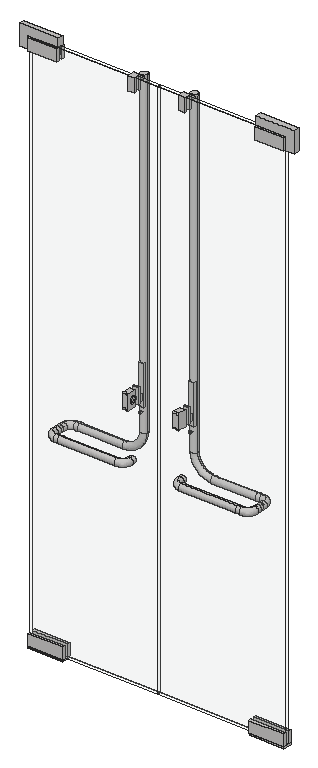
Revit family "Doors_Swing_Avanti_Systems_Pivot-Frameless-Pair-Swing-Door-Dbl-Glazed", category Doors, Revit 2026
Family settings
  Classification Number = 23.30.10.00
  Always vertical = Yes
  Cut with Voids When Loaded = No
  Shared = No
  Room Calculation Point = No
Parameters (values of type "Load Family Type Catalog")
  Youtube clip = ""
  Weight Net (Kg) = "0"
  Warranty = "1 year"  # constant formula
  Uniformat II Description = "Interior Doors"
  Uniformat II Code = "C1020"
  Uniclass 2015 Name = "Doors and windows"
  Uniclass 2015 Code = "EF_25_30"
  Uniclass 2.0 Description = ""
  Uniclass 2.0 Code = ""
  Uniclass 1.4 Description = "Doors"
  Uniclass 1.4 Code = "JL20"
  URL = "https://www.avantisystemsusa.com"
  UNSPSC Code = "30171504"
  Type = 2
  Thickness = if(Type = 1, 1/2", if(Type = 2, 3/4", if(Type = 3, 3/8", if(Type = 4, 7/16", 9/16"))))  # 3/4"
  Technical description = ""
  Sound Rating = 0
  Region South America = "All"
  Region Oceania = "All"
  Region North America = "All"
  Region Middle East = "All"
  Region Europe = "All"
  Region Asia = "All"
  Region Antarctica = "All"
  Region Africa = "All"
  Recessed Floor Closer [instance] = yes
  QR code = "http://bimobject.com/avantisystems/product/avanti-pivot-frameless-swing-door"
  Product url = "https://www.avantisystemsusa.com/glass-products/doors/pivot-doors-hinged-doors/single-glazed-frameless/"
  Product group = "Pivot Frameless Swing"
  Product family = "Pivot & Hinged Doors"
  Product data url = "https://bimobject.com/avantisystems/product/avanti-pivot-frameless-swing-door"
  Product certification = ""
  Product SKU = "avanti-pivot-frameless-swing-door"
  Product Guid = "3a11851e-372f-40ff-a97e-0ea9b5931639"
  Power = 110 V  # constant formula
  Panel Width [instance] = (Opening Width / 2) - 93/128"  # 23.65513"
  Opening Width [instance] = 48.76338"
  OmniClass Description = "Wood Doors"
  OmniClass Code = "23-17 11 15"
  Nominal width = 0"
  Nominal height = 0"
  NBS Reference Description = ""
  NBS Reference Code = ""
  Model = "Pivot Frameless Swing Door"  # constant formula
  Material secondary = "Aluminium"
  Material main = "Glass"
  Masterformat 2014 Description = "Wood Doors"
  Masterformat 2014 Code = "08 14 00"
  Manufacturer name = "Avanti Systems"
  Manufacturer country = ""
  Manufacturer = "Avanti Systems USA"  # constant formula
  Lock = "Thumb turn floor lock with a key"
  Ladder Pull Height [instance] = 18"
  LEED compatibility = "YES"
  Installation instructions = ""
  IFC Classification = "Door"
  Height [instance] = 103 3/8"
  Hardware material [instance] = Stainless Steel - Avanti- Brushed Finish
  Handle type [instance] = Handle : Panic Device
  Handle Height [instance] = Height  # 103 3/8"
  Glazing = "Safety Glazing SGCC"
  Glass Width [instance] = 48.38838"
  Glass Material = Glass - Avanti -  Clear Tempered
  Glass Marker = yes
  Glass Height [instance] = 103"
  Function = Interior
  Edition number = 1
  EAN code = ""
  Design country = "United States"
  Description = "The Pivot Frameless Glass Swing Door is our luxury glass door solution that is completely customizable and is compatible with every partition system we offer as well as solid traditional walls."  # constant formula
  Date of publishing = ""
  Clear Anodic Finish = "available"  # constant formula
  COBIe Type Category = ""
  Brand url = "http://www.avantisystemsusa.com/"
  BIMobject main category code = "doors"
  BIMobject main category = "Doors"
  BIMobject category code = "doors-swing"
  BIMobject category = "Swing"
  Analytic Construction = "<None>"
  Acoustic performance (dB) = 43  # constant formula
Reference planes (in)
  plane 1 "Center (Front/Back)": y = 0
  plane 2: z = 0
  plane 3 "Center (Left/Right)": x = 3.24894
  plane 4: x = -21.13275
  plane 5: x = 27.63063
  plane 6 "Top": z = 103.375
  plane 7 "Curtain_wall_center": y = 1.30859
  plane 8 "Curtain_wall_exterior": y = 1.68359
  plane 9 "Curtain_wall_interior": y = 0.93359
  plane 10 "Handle_placement_level": x = 0.74894
  plane 11: z = 1.5625
  plane 12: x = 29.19313
  plane 13: x = -22.69525
  plane 14: x = 5.74894
  plane 15: x = 3.24894
  plane 16: z = 103.1875
  plane 17: x = 27.44313
  plane 18: x = -20.94525
  plane 19: z = 0.1875
  plane 20: x = 15.34604
  plane 21: x = -8.84815
  plane 22: z = 51.6875
Forms (in)
  Extrusion 1, solid, material "Glass - Avanti -  Clear Tempered" <- "Glass Material"
    sketch origin (0, -1.125, 0) x (1, 0, 0) y (0, 1, 0)
      loop
        line (-20.94525, 2.80859) -> (-20.94525, 2.05859) -> (3.24894, 2.05859) -> (3.24894, 2.80859) -> (-20.94525, 2.80859)
    from 0.1875 to 103.1875
  Extrusion 2, solid, material "Glass - Avanti -  Clear Tempered" <- "Glass Material"
    sketch origin (6.49788, -2.54297, 0) x (-1, 0, 0) y (0, -1, 0)
      loop
        line (-20.94525, -4.22656) -> (3.24894, -4.22656) -> (3.24894, -3.47656) -> (-20.94525, -3.47656) -> (-20.94525, -4.22656)
    from 0.1875 to 103.1875
Lines and regions (in)
  Masking region 1
    outline origin (3.24894, 0, 0) x (0, 1, 0) y (0, 0, 1)
      loop
        line (1.68359, 103.1875) -> (0.93359, 103.1875) -> (0.93359, 0.1875) -> (1.68359, 0.1875) -> (1.68359, 103.1875)
  symbolic lines, style "0", not visible
    curve 1: circle (20.74894, 4.89891, 0) r 0.39445 normal (0, 0, 1)
    curve 2: line (20.43894, 4.65501, 0) -> (20.43894, 2.625, 0)
    curve 3: line (21.06195, 4.65887, 0) -> (21.06195, 2.625, 0)
    curve 4: circle (20.74894, -0.14891, 0) r 0.39445 normal (0, 0, -1)
    curve 5: line (20.43894, 0.09499, 0) -> (20.43894, 2.125, 0)
    curve 6: line (21.06195, 0.09113, 0) -> (21.06195, 2.125, 0)
  symbolic lines, style "0"
    curve 7: line (-21.13275, 0.93359, 0) -> (27.63063, 0.93359, 0)
    curve 8: line (27.63063, 0.93359, 0) -> (27.63063, 1.68359, 0)
    curve 9: line (-21.13275, 1.68359, 0) -> (27.63063, 1.68359, 0)
    curve 10: line (3.24894, 1.68359, 103.375) -> (3.24894, 0.93359, 103.375)
    curve 11: line (3.24894, 1.68359, 0.1875) -> (3.24894, 1.68359, 103.1875)
    curve 12: line (3.24894, 2.13853, 0) -> (3.24894, 1.84275, 0)
    curve 13: line (3.24894, 0.93359, 0.1875) -> (3.24894, 0.93359, 103.1875)
    curve 14: line (3.24894, 1.68359, 0.1875) -> (3.24894, 0.93359, 0.1875)
    curve 15: line (3.24894, 1.68359, 0) -> (3.24894, 0.93359, 0)
    curve 16: line (-21.13275, 1.68359, 0) -> (-21.13275, 0.93359, 0)
  symbolic lines, visible <- "Glass Marker"
    curve 17: line (12.51761, -0.24998, 48.85907) -> (18.17446, -0.24998, 54.51593)
    curve 18: line (15.34604, -0.24998, 49.83954) -> (17.19399, -0.24998, 51.6875)
    curve 19: line (13.49808, -0.24998, 51.6875) -> (15.34604, -0.24998, 53.53546)
    curve 27: line (-11.67658, -0.24998, 48.85907) -> (-6.01973, -0.24998, 54.51593)
    curve 28: line (-8.84815, -0.24998, 49.83954) -> (-7.0002, -0.24998, 51.6875)
    curve 29: line (-10.69611, -0.24998, 51.6875) -> (-8.84815, -0.24998, 53.53546)
  symbolic lines, not visible
    curve 20: line (13.49808, 0.25002, 51.6875) -> (17.19399, 0.25002, 51.6875)
    curve 25: line (-1.84534, 0.25002, 22.66367) -> (1.85057, 0.25002, 22.66367)
    curve 30: line (-10.69611, 0.25002, 51.6875) -> (-7.0002, 0.25002, 51.6875)
    curve 35: line (-1.84534, 0.25002, 22.66367) -> (1.85057, 0.25002, 22.66367)
  model lines, not visible
    curve 21: line (15.34604, 0.25002, 49.83954) -> (15.34604, 0.25002, 53.53546)
    curve 26: line (0.00262, 0.25002, 20.81572) -> (0.00262, 0.25002, 24.51163)
    curve 31: line (-8.84815, 0.25002, 49.83954) -> (-8.84815, 0.25002, 53.53546)
    curve 36: line (0.00262, 0.25002, 20.81572) -> (0.00262, 0.25002, 24.51163)
  symbolic lines, visible <- "Glass Marker", not visible
    curve 22: line (-2.82581, -0.24998, 19.83525) -> (2.83104, -0.24998, 25.4921)
    curve 23: line (0.00262, -0.24998, 20.81572) -> (1.85057, -0.24998, 22.66367)
    curve 24: line (-1.84534, -0.24998, 22.66367) -> (0.00262, -0.24998, 24.51163)
    curve 32: line (-2.82581, -0.24998, 19.83525) -> (2.83104, -0.24998, 25.4921)
    curve 33: line (0.00262, -0.24998, 20.81572) -> (1.85057, -0.24998, 22.66367)
    curve 34: line (-1.84534, -0.24998, 22.66367) -> (0.00262, -0.24998, 24.51163)
  symbolic lines, style "DoorsHiddenLines"
    curve 37: line (3.24894, 0, 103.1875) -> (-20.94525, 0, 51.6875)
    curve 38: line (-20.94525, 0, 51.6875) -> (3.24894, 0, 0.1875)
    curve 39: line (-20.21716, 1.30859, 0) -> (-20.21716, 24.96372, 0)
    curve 40: arc (-20.21716, 24.96372, 0) -> (-3.75562, 18.14513, 0) -> (3.06297, 1.68359, 0) r 23.28013
    curve 41: line (26.71504, 1.30859, 0) -> (26.71504, 24.96372, 0)
    curve 42: arc (26.71504, 24.96372, 0) -> (10.2535, 18.14513, 0) -> (3.43491, 1.68359, 0) r 23.28013
    curve 43: line (3.24894, 0, 103.1875) -> (27.44313, 0, 51.6875)
    curve 44: line (27.44313, 0, 51.6875) -> (3.24894, 0, 0.1875)
Text (in)
  text "Exterior" at (-45.72835, 31.38743, 0), in view "Ref. Level"
Dimensions and locks (in)
  equal spacing: plane 4, plane 3 "Center (Left/Right)", plane 5
  equal spacing: plane 8 "Curtain_wall_exterior", plane 7 "Curtain_wall_center", plane 9 "Curtain_wall_interior"
  "Thickness": plane 8 "Curtain_wall_exterior" to plane 9 "Curtain_wall_interior"
  "Opening Width": plane 4 to plane 5
  curve 11 to curve 13 = 3/4"
  Extrusion 1 to Extrusion 1 = 3/4"
  plane 11 to plane 2 = 1 9/16"
  plane 2 to plane 11 = 1 9/16"
  locked: plane 5 to plane 12 at 1.5625
  locked: plane 13 to plane 4 at 1.5625
  Extrusion 2 to Extrusion 2 = 3/4"
  equal spacing: plane 4, plane 15, plane 5
  locked: plane 14 to plane 15 at 2.5
  locked: plane 15 to plane 10 "Handle_placement_level" at 2.5
  nested 2 to plane 8 "Curtain_wall_exterior" = 1/8"
  nested 1 to plane 8 "Curtain_wall_exterior" = 1/8"
  "Height": plane 2 to plane 6 "Top"
  locked: plane 17 to plane 5 at 0.1875
  locked: plane 4 to plane 18 at 0.1875
  locked: plane 16 to plane 6 "Top" at 0.1875
  locked: plane 2 to plane 19 at 0.1875
  equal spacing: plane 15, plane 20, plane 17
  equal spacing: plane 15, plane 21, plane 18
  equal spacing: plane 19, plane 22, plane 16
  "Glass Width": plane 18 to plane 17
  "Glass Height": plane 19 to plane 16
  locked: plane 18 to curve 39 at 0.72809
  "Panel Width": plane 7 "Curtain_wall_center" to curve 39
  locked: curve 40 to plane 15 at 0.18597
  locked: curve 41 to plane 17 at 0.72809
  "Panel Width": plane 7 "Curtain_wall_center" to curve 41
  locked: plane 15 to curve 42 at 0.18597
  locked: plane 1 "Center (Front/Back)" to plane 7 "Curtain_wall_center" at 1.30859
  aligned and locked: level to plane 2
  aligned and locked: curve 8 to plane 5
  aligned and locked: nested 1 to plane 5
  aligned and locked: nested 2 to plane 4
  aligned and locked: Extrusion 2 to plane 15
  aligned and locked: plane 15 to Extrusion 1
  aligned and locked: curve 15 to plane 15
  aligned and locked: plane 8 "Curtain_wall_exterior" to curve 15
  aligned and locked: plane 4 to curve 9
  aligned and locked: plane 9 "Curtain_wall_interior" to curve 16
  aligned and locked: nested 2 to plane 6 "Top"
  aligned and locked: plane 6 "Top" to nested 1
  aligned and locked: plane 9 "Curtain_wall_interior" to curve 15
  aligned and locked: nested 5 to plane 2
  aligned and locked: Extrusion 2 to plane 16
  aligned and locked: Extrusion 2 to plane 17
  aligned and locked: Extrusion 2 to plane 19
  aligned and locked: Extrusion 1 to plane 19
  aligned and locked: plane 18 to Extrusion 1
  aligned and locked: Extrusion 1 to plane 16
  aligned and locked: plane 16 to nested 3
  aligned and locked: nested 4 to plane 16
  aligned and locked: plane 16 to nested 7
  aligned and locked: plane 17 to nested 7
  aligned and locked: plane 18 to nested 8
  aligned and locked: nested 8 to plane 16
  aligned and locked: plane 17 to nested 5
  aligned and locked: plane 22 to curve 20
  aligned and locked: plane 20 to curve 21
  aligned and locked: plane 22 to curve 30
  aligned and locked: plane 21 to curve 31
  aligned and locked: curve 14 to plane 19
  aligned and locked: plane 2 to nested 6
  aligned and locked: plane 18 to nested 6  (x2)
  aligned and locked: plane 16 to curve 37
  aligned and locked: plane 19 to curve 38
  aligned and locked: plane 19 to nested 5
  aligned and locked: plane 22 to curve 38
  aligned and locked: Masking region 1 sketch curve to plane 8 "Curtain_wall_exterior"
  aligned and locked: Masking region 1 sketch curve to plane 9 "Curtain_wall_interior"
  aligned and locked: plane 16 to Masking region 1 sketch curve
  aligned and locked: plane 19 to Masking region 1 sketch curve
  aligned and locked: plane 16 to curve 11
  aligned and locked: plane 16 to curve 13
  aligned and locked: plane 7 "Curtain_wall_center" to curve 39
  aligned and locked: curve 39 to curve 40
  aligned and locked: plane 7 "Curtain_wall_center" to curve 41
  aligned and locked: curve 41 to curve 42
  aligned and locked: plane 7 "Curtain_wall_center" to nested 1
  aligned and locked: plane 15 to curve 37
  aligned and locked: plane 18 to curve 37
  aligned and locked: plane 15 to curve 44
  aligned and locked: plane 17 to curve 43
  aligned and locked: nested 3 to plane 14
  aligned and locked: plane 10 "Handle_placement_level" to nested 4
  aligned and locked: plane 17 to nested 10
  aligned and locked: plane 2 to nested 10
  aligned and locked: plane 18 to nested 9
  aligned and locked: nested 9 to plane 2
  aligned and locked: nested 11 to plane 7 "Curtain_wall_center"
  aligned and locked: nested 11 to plane 2
  aligned and locked: plane 7 "Curtain_wall_center" to nested 2
Automatic sketch dimensions
  curve 13 to plane 9 "Curtain_wall_interior" = 0"
  plane 6 "Top" to curve 10 = 0"
  curve 10 to plane 9 "Curtain_wall_interior" = 0"
  curve 11 to plane 8 "Curtain_wall_exterior" = 0"
  curve 12 to level = 0"
  plane 8 "Curtain_wall_exterior" to curve 12 = 0.15916"
  curve 12 to curve 12 = 0.29578"
  curve 10 to plane 8 "Curtain_wall_exterior" = 0"
  Extrusion 1 sketch curve to plane 9 "Curtain_wall_interior" = 0"
  Extrusion 1 sketch curve to plane 18 = 0"
  Extrusion 1 sketch curve to plane 3 "Center (Left/Right)" = 0"
  Extrusion 1 sketch curve to plane 8 "Curtain_wall_exterior" = 0"
  Extrusion 2 sketch curve to plane 9 "Curtain_wall_interior" = 0"
  Extrusion 2 sketch curve to plane 17 = 0"
  plane 3 "Center (Left/Right)" to Extrusion 2 sketch curve = 0"
  Extrusion 2 sketch curve to plane 8 "Curtain_wall_exterior" = 0"
  curve 44 to plane 22 = 0"
Nested families (in)
  nested 1: "Pivot Door Top Free Swing Patch Fitting" at (18.12971, 0.80859, 103.375) x (-1, 0, 0) z (0, 1, 0), type "Pivot Door Top Free Swing Patch Fitting"
  nested 2: "Pivot Door Top Free Swing Patch Fitting" at (-11.63183, 0.80859, 103.375) x (1, 0, 0) z (0, 1, 0), type "Pivot Door Top Free Swing Patch Fitting"
  nested 3: "Handle" at (7.37394, 3.05859, 37.8125) x (-1, 0, 0) z (0, 1, 0), type <- "Handle type", type "Panic Device", detail levels medium+fine
    with Locker yes, Width 23.65513", Thickness 3/4", Height 103 3/8"
  nested 4: "Handle" at (-0.87606, 3.05859, 37.8125) x (1, 0, 0) z (0, 1, 0), type <- "Handle type", type "Panic Device", detail levels medium+fine
    with Locker yes, Width 23.65513", Thickness 3/4", Height 103 3/8"
  nested 5: "Pivot Door Bottom Free Swing Pivot Option" at (27.44313, 1.68359, 0) x (-1, 0, 0) z (0, 1, 0), Glass Thickness Control <- "Thickness", Product Material <- "Hardware material", Recessed Floor Closer <- "Recessed Floor Closer", type "Glass Thickness 8.0 mm"
    with Recessed Floor Closer yes, Product Material Stainless Steel - Avanti- Brushed Finish, Glass Thickness Control 3/4"
  nested 6: "Pivot Door Bottom Free Swing Pivot Option" at (-20.94525, 1.68359, 0) x (1, 0, 0) z (0, 1, 0), Glass Thickness Control <- "Thickness", Product Material <- "Hardware material", Recessed Floor Closer <- "Recessed Floor Closer", type "Glass Thickness 8.0 mm"
    with Recessed Floor Closer yes, Product Material Stainless Steel - Avanti- Brushed Finish, Glass Thickness Control 3/4"
  nested 7: "Pivot Door Top Free Swing Pivot" at (27.44313, 1.68359, 100.87254) x (-1, 0, 0) z (0, 1, 0), Glass Thickness Control <- "Thickness", Product Material <- "Hardware material", type "Glass Thickness 8.0 mm"
    with Product Material Stainless Steel - Avanti- Brushed Finish, Glass Thickness Control 3/4"
  nested 8: "Pivot Door Top Free Swing Pivot" at (-20.94525, 1.68359, 100.87254) x (1, 0, 0) z (0, 1, 0), Glass Thickness Control <- "Thickness", Product Material <- "Hardware material", type "Glass Thickness 8.0 mm"
    with Product Material Stainless Steel - Avanti- Brushed Finish, Glass Thickness Control 3/4"
  nested 9: "Recessed Floor Closer - Elevation" at (-18.87315, 0, 0.11624) x (1, 0, 0) z (0, -1, 0), visible <- "Recessed Floor Closer", type "Recessed Floor Closer - Elevation"
  nested 10: "Recessed Floor Closer - Elevation" at (25.37103, 0, 0.11624) x (-1, 0, 0) z (0, -1, 0), visible <- "Recessed Floor Closer", type "Recessed Floor Closer - Elevation"
  nested 11: "Recessed Floor Closer - Section" at (3.24894, 1.30859, 0) x (0, 1, 0) z (1, 0, 0), visible <- "Recessed Floor Closer", type "Recessed Floor Closer - Section"
Definition of nested family "Pivot Door Top Free Swing Patch Fitting"
  Parameters (values of type "Pivot Door Top Free Swing Patch Fitting")
    Material = none
    Default Elevation = 48"
  Reference planes (in)
    plane 1 "Center (Front/Back)": y = 0
    plane 2: z = 0
    plane 3 "Center (Left/Right)": x = 0
  Forms (in)
    Extrusion 1, solid, material <- "Material"
      sketch origin (5.75014, 73, 1.91797) x (0, -1, 0) y (1, 0, 0)
        loop
          line (73, -9.56356) -> (73, -15.25106) -> (70.64844, -15.25106) -> (70.64844, -16.81356) -> (74.5625, -16.81356) -> (74.5625, -9.56356) -> (73, -9.56356)
      from -1.91797 to -0.91797
  Lines and regions (in)
    reference lines
      curve 1: line (0, 2.35156, 0.5) -> (0, -5.14844, 0.5)
  Dimensions and locks (in)
    aligned and locked: level to plane 2
Definition of nested family "Handle"
  Parameters (values of type "48" Ladder Pull")
    Width = 54.28299"
    Type = 3
    Ladder Pool Height = 18"
    Ladder 60" = if(Type = 5, 1 = 1, 1 = 0)  # no
    Ladder = if(Type = 3, 1 = 1, 1 = 0)  # yes
    Thickness = 1/2"
    Panic hardware = if(Type = 4, 1 = 1, 1 = 0)  # no
    Material = none
    Locker [instance] = yes
    Height = 90 9/16"
    Glass door = if(Type = 2, 1 = 1, 1 = 0)  # no
    Framed door = if(Type = 1, 1 = 1, 1 = 0)  # no
    Default Elevation = 48"
  Types (3): name | Width | Type | Ladder 60" | Ladder | Panic hardware
    60" Ladder Pull | 54.28299" | 5 | yes | no | no
    Panic Device | 26.41493" | 4 | no | no | yes
    48" Ladder Pull | 54.28299" | 3 | no | yes | no
  Reference planes (in)
    plane 1 "Center (Front/Back)": y = 0
    plane 2: z = 0
    plane 3 "Center (Left/Right)": x = 0
    plane 4 "door_up": z = -1.375
    plane 5 "door_down": z = -1.875
    plane 6: z = -3.25
    plane 7: x = -1.25
    plane 8: x = -43.31449
    plane 9: x = -46.03299
    plane 10: x = -43.31449
    plane 11: y = 51.9375
    plane 12: y = 0.625
    plane 13: y = 11.125
    plane 14: y = 52.5625
    plane 15: y = -38
    plane 16: x = -50.15799
    plane 17 "door": x = 4.125
    plane 18: x = 1.625
    plane 19: y = -20
  Forms (in)
    Sweep 1, solid, material <- "Material", visible <- "Panic hardware"
      path origin (0, 0, 0) x (1, 0, 0) y (0, 1, 0)
        loop
          line (-1.25, 51.9375) -> (-1.25, 4.25)
          arc (-1.25, 4.25) -> (-2.12868, 2.12868) -> (-4.25, 1.25) r 3
          line (-4.25, 1.25) -> (-43.31449, 1.25)
      profile origin (-1.25, 28.09375, 0) x (1, 0, 0) y (0, 0, 1)
        loop
          circle (0.625, 0.625) r 0.625
    Sweep 2, solid, material <- "Material", visible <- "Panic hardware"
      path origin (0, 0, 0) x (1, 0, 0) y (0, 0, 1)
        loop
          line (-43.31449, 0) -> (-44.06449, 0)
          arc (-44.06449, 0) -> (-44.57255, -0.21044) -> (-44.78299, -0.7185) r 0.7185
          line (-44.78299, -0.7185) -> (-44.78299, -1.375)
      profile origin (-43.68949, 0, 0) x (0, 0, -1) y (0, -1, 0)
        loop
          circle (-0.625, -0.625) r 0.625
    Sweep 3, solid, material <- "Material", visible <- "Panic hardware"
      path origin (0, 0, -6.75) x (1, 0, 0) y (0, 0, -1)
        loop
          line (-43.31449, -3.5) -> (-44.06449, -3.5)
          arc (-44.06449, -3.5) -> (-44.57255, -3.71044) -> (-44.78299, -4.2185) r 0.7185
          line (-44.78299, -4.2185) -> (-44.78299, -4.875)
      profile origin (-43.68949, 0, -3.25) x (0, 0, -1) y (0, -1, 0)
        loop
          circle (0.625, -0.625) r 0.625
    Sweep 4, solid, material <- "Material", visible <- "Panic hardware"
      path origin (-30, 0, -6.75) x (-1, 0, 0) y (0, 0, -1)
        loop
          line (13.31449, -3.5) -> (-28.0315, -3.5)
          arc (-28.0315, -3.5) -> (-28.53956, -3.71044) -> (-28.75, -4.2185) r 0.7185
          line (-28.75, -4.2185) -> (-28.75, -4.875)
      profile origin (-22.6415, 0, -3.25) x (0, 0, 1) y (0, -1, 0)
        loop
          circle (-0.625, -0.625) r 0.625
  Cuts and joins
    joined: Sweep 1, Sweep 2
    joined: Sweep 3, Sweep 4
  Dimensions and locks (in)
    "Thickness": plane 5 "door_down" to plane 4 "door_up"
    locked: plane 3 "Center (Left/Right)" to plane 7 at 1.25
    locked: plane 9 to plane 8 at 2.7185
    locked: plane 9 to Sweep 3 sketch curve at 1.25
    locked: Sweep 2 sketch curve to plane 9 at 1.25
    locked: plane 10 to plane 9 at 2.7185
    locked: Sweep 1 sketch curve to plane 1 "Center (Front/Back)" at 1.25
    locked: plane 3 "Center (Left/Right)" to nested 1 at 0.125
    locked: plane 4 "door_up" to plane 2 at 1.375
    locked: plane 6 to plane 5 "door_down" at 1.375
    locked: plane 12 to plane 1 "Center (Front/Back)" at 0.625
    locked: plane 13 to plane 12 at 10.5
    locked: plane 14 to plane 11 at 0.625
    "Height": plane 14 to plane 15
    locked: plane 1 "Center (Front/Back)" to plane 15 at 38
    locked: plane 3 "Center (Left/Right)" to plane 17 "door" at 4.125
    "Width": plane 16 to plane 17 "door"
    locked: plane 16 to plane 10 at 6.8435
    locked: plane 18 to plane 17 "door" at 2.5
    "Ladder Pool Height": plane 19 to plane 15
    aligned and locked: level to plane 2
    aligned and locked: plane 4 "door_up" to cut or joined group of Sweep 1, Sweep 2
    aligned and locked: Sweep 2 sketch curve to plane 4 "door_up"
    aligned and locked: Sweep 3 sketch curve to plane 5 "door_down"
    aligned and locked: plane 6 to Sweep 3 sketch curve
    aligned and locked: plane 7 to Sweep 4 sketch curve
    aligned and locked: Sweep 4 sketch curve to plane 6
    aligned and locked: plane 8 to Sweep 4 sketch curve
    aligned and locked: plane 8 to Sweep 3 sketch curve
    aligned and locked: plane 10 to Sweep 2 sketch curve
    aligned and locked: plane 10 to Sweep 1 sketch curve
    aligned and locked: plane 11 to Sweep 1 sketch curve
    aligned and locked: plane 5 "door_down" to Sweep 4 sketch curve
    aligned and locked: nested 1 to plane 4 "door_up"
    aligned and locked: plane 13 to nested 1
    aligned and locked: nested 2 to plane 4 "door_up"
    aligned and locked: plane 3 "Center (Left/Right)" to nested 2
    aligned and locked: nested 2 to plane 11
    aligned and locked: nested 2 to plane 14
    aligned and locked: plane 18 to nested 3
    aligned and locked: plane 1 "Center (Front/Back)" to nested 3
    aligned and locked: nested 4 to plane 18
    aligned and locked: nested 4 to plane 1 "Center (Front/Back)"
    aligned and locked: nested 5 to plane 4 "door_up"
    aligned and locked: nested 5 to plane 17 "door"
    aligned and locked: nested 5 to plane 1 "Center (Front/Back)"
    aligned and locked: nested 6 to plane 4 "door_up"
    aligned and locked: plane 5 "door_down" to nested 7
    aligned and locked: nested 7 to plane 19
    aligned and locked: plane 19 to nested 6
    aligned and locked: nested 6 to plane 18
    aligned and locked: nested 7 to plane 18
    aligned and locked: plane 4 "door_up" to nested 8
    aligned and locked: plane 15 to nested 8
    aligned and locked: plane 5 "door_down" to nested 9
    aligned and locked: nested 9 to plane 15
    aligned and locked: plane 18 to nested 8
    aligned and locked: plane 18 to nested 9
  Nested families (in)
    nested 1: "Family2" at (-1.125, 11.125, 0.22234), visible <- "Panic hardware", type "Family2"
      with Lock yes
    nested 2: "Family3" at (-0.26102, 51.9375, -1.63602), visible <- "Panic hardware", type "Family3"
      with Thickness 1/2"
    nested 3: "Handle Timber" at (1.625, 0, -1.875), Locker <- "Locker", visible <- "Framed door", type "Handle Timber"
      with Locker yes
    nested 4: "Handle Timber" at (1.625, 0, -1.375) x (1, 0, 0) z (0, 0, -1), Locker <- "Locker", visible <- "Framed door", type "Handle Timber"
      with Locker yes
    nested 5: "Hinged Framed Swing locker" at (3.22214, -1.5625, -5.625), Handle and assembly material <- "Material", visible <- "Glass door", type "Hinged Framed Swing locker"
      with Handle and assembly material none
    nested 6: "Handle_For-Glass_Rounded_600mm" at (1.625, 13.36577, -1.375) x (-1, 0, 0) z (0, 0, -1), Handle Material <- "Material", visible <- "Ladder", type "Handle_For-Glass_Rounded_600mm"
      with Handle Material none, Handle Height 48"
    nested 7: "Handle_For-Glass_Rounded_600mm" at (1.625, -5.36577, -1.875) x (-1, 0, 0) z (0, 0, 1), Handle Material <- "Material", visible <- "Ladder", type "Handle_For-Glass_Rounded_600mm"
      with Handle Material none, Handle Height 48"
    nested 8: "Handle_For-Glass_Rounded_60in" at (1.625, 2.47039, -1.375), visible <- "Ladder 60"", Handle Material <- "Material", type "60""
      with No locker yes, Locker no, Handle Material none, Handle Height 60"
    nested 9: "Handle_For-Glass_Rounded_60in2" at (1.625, 2.47039, -1.875), visible <- "Ladder 60"", Handle Material <- "Material", type "60""
      with No locker no, Locker yes, Handle Material none, Handle Height 60"
  Definition of nested family "Family2"
    Parameters (values of type "Family2")
      Thickness = 1/2"
      Material = none
      Lock = no
      Default Elevation = 0"
    Reference planes (in)
      plane 1 "Center (Front/Back)": y = 0
      plane 2: z = 0
      plane 3 "Center (Left/Right)": x = 0
      plane 4: z = -2.09734
      plane 5: z = -1.59734
    Forms (in)
      Extrusion 1, solid, material <- "Material"
        sketch origin (0, 0, 0) x (0, 1, 0) y (0, 0, 1)
          loop
            line (5.04078, -0.345) -> (5.04078, 0) -> (-2.39922, 0) -> (-2.39922, -0.345) -> (5.04078, -0.345)
        from 0 to 1
      Extrusion 2, solid, material <- "Material"
        sketch origin (0, 0, 0) x (0, 1, 0) y (0, 0, 1)
          loop
            line (-0.3074, -0.345) -> (-1.4374, -0.345) -> (-1.4374, -1.31734) -> (-0.3074, -1.31734) -> (-0.3074, -0.345)
        from 0.32565 to 0.66353
      Extrusion 3, solid, material <- "Material"
        sketch origin (0, 0, 0) x (0, 1, 0) y (0, 0, 1)
          loop
            line (-1.4374, -1.31734) -> (-1.4374, -1.59734) -> (1.43807, -1.59734) -> (1.43807, -1.31734) -> (-1.4374, -1.31734)
          loop
            line (1.45803, -2.09734) -> (-1.41697, -2.09734) -> (-1.41697, -3.82961)
            arc (-1.41697, -3.82961) -> (-1.36191, -3.96254) -> (-1.22897, -4.01761) r 0.188
            line (-1.22897, -4.01761) -> (1.27003, -4.01761)
            arc (1.27003, -4.01761) -> (1.40297, -3.96254) -> (1.45803, -3.82961) r 0.188
            line (1.45803, -3.82961) -> (1.45803, -2.09734)
        from 0 to 1
      Extrusion 4, solid, material <- "Material"
        sketch origin (0, 0, 0) x (0, 1, 0) y (0, 0, 1)
          loop
            arc (-3.2641, -0.65221) -> (-3.242, -0.64306) -> (-3.23285, -0.62096) r 0.03125
            line (-3.23285, -0.62096) -> (-3.23285, 0) -> (-3.4516, 0) -> (-3.4516, -0.62096)
            arc (-3.4516, -0.62096) -> (-3.44244, -0.64306) -> (-3.42035, -0.65221) r 0.03125
            line (-3.42035, -0.65221) -> (-3.2641, -0.65221)
        from 0.32565 to 0.66353
      Extrusion 5, solid, material <- "Material", visible <- "Lock"
        sketch origin (1, 0, 0) x (0, 1, 0) y (0, 0, 1)
          loop
            circle (0.20853, -3.12734) r 0.58
          loop
            circle (0.20853, -3.12734) r 0.5625
          loop
            circle (-0.07272, -3.12734) r 0.22671
        from 0 to 0.25
      Extrusion 6, solid, material <- "Material", visible <- "Lock"
        sketch origin (1, 0, 0) x (0, 1, 0) y (0, 0, 1)
          loop
            circle (0.20853, -3.12734) r 0.5625
        from 0 to 0.20472
      Extrusion 7, solid, material <- "Material", visible <- "Lock", not visible
        sketch origin (1, 0, 0) x (0, 1, 0) y (0, 0, 1)
          loop
            circle (0.20853, -3.12734) r 0.58
          loop
            circle (0.20853, -3.12734) r 0.5625
          loop
            circle (-0.07272, -3.12734) r 0.22671
        from 0 to 0.25
      Extrusion 8, solid, material <- "Material", visible <- "Lock", not visible
        sketch origin (1, 0, 0) x (0, 1, 0) y (0, 0, 1)
          loop
            circle (0.20853, -3.12734) r 0.5625
        from 0 to 0.20472
    Lines and regions (in)
      model lines, not visible
        curve 1: line (0, -0.35397, -3.12734) -> (0, 0.39603, -3.12734)
        curve 2: line (0, -0.35397, -3.12734) -> (0, 0.39603, -3.12734)
    Dimensions and locks (in)
      "Thickness": plane 4 to plane 5
      locked: plane 5 to plane 2 at 1.59734
      aligned and locked: level to plane 2
      aligned and locked: plane 5 to Extrusion 3 sketch curve
      aligned and locked: Extrusion 3 sketch curve to Extrusion 2
      aligned and locked: Extrusion 3 sketch curve to plane 4
  Definition of nested family "Family3"
    Parameters (values of type "Family3")
      Thickness = 0.50125"
      Material = none
      Default Elevation = 0"
    Reference planes (in)
      plane 1 "Center (Front/Back)": y = 0
      plane 2: z = 0
      plane 3 "Center (Left/Right)": x = 0
      plane 4: z = 0.26102
      plane 5: z = -0.24023
    Forms (in)
      Extrusion 1, solid, material <- "Material"
        sketch origin (-0.98898, 0.625, 0.26102) x (0, 0, -1) y (0, 1, 0)
          loop
            line (-0.28125, 0.125) -> (-0.28125, -2.375) -> (0, -2.375) -> (0, 0) -> (0.50125, 0) -> (0.50125, -2.37518) -> (0.78125, -2.37518) -> (0.78125, 0.125) -> (-0.28125, 0.125)
        from 0 to 1.25
      Revolve 2, solid, material <- "Material"
        sketch origin (-0.36398, 0.615, 0.26102) x (0, 0, -1) y (0, 1, 0)
          loop
            line (-0.28125, -0.615) -> (-1.5092, -0.615) -> (-1.5092, -0.995) -> (-0.28125, -0.995) -> (-0.28125, -0.615)
          axis (-1.5092, -0.995) -> (-0.28125, -0.995)
        angle from 0 to 360
    Dimensions and locks (in)
      "Thickness": plane 4 to plane 5
      locked: Extrusion 1 to plane 4 at 0.28125
      locked: plane 5 to Extrusion 1 at 0.28
      aligned and locked: level to plane 2
      aligned and locked: Extrusion 1 to plane 4
      aligned and locked: plane 5 to Extrusion 1
  Definition of nested family "Handle Timber"
    Parameters (values of type "Handle Timber")
      Locker [instance] = yes
      Handle material = none
      Default Elevation = 48"
    Reference planes (in)
      plane 1 "Center (Front/Back)": y = 0
      plane 2: z = 0
      plane 3 "Center (Left/Right)": x = 0
    Forms (in)
      Extrusion 1, solid, material <- "Handle material"
        sketch origin (0, 0.00944, 0.00975) x (-1, 0, 0) y (0, -1, 0.00026)
          loop
            line (0.82036, -6.01526) -> (0.82036, -4.11121)
            arc (0.82036, -4.11121) -> (0, -3.29085) -> (-0.82036, -4.11121) r 0.82036
            line (-0.82036, -4.11121) -> (-0.82036, -6.01526)
            arc (-0.82036, -6.01526) -> (0, -6.83563) -> (0.82036, -6.01526) r 0.82036
          loop
            line (0.82036, -0.95129) -> (0.82036, 0.95276)
            arc (0.82036, 0.95276) -> (0, 1.77313) -> (-0.82036, 0.95276) r 0.82036
            line (-0.82036, 0.95276) -> (-0.82036, -0.95129)
            arc (-0.82036, -0.95129) -> (0, -1.77165) -> (0.82036, -0.95129) r 0.82036
        from -0.36 to -0.00798
      Sweep 2, solid, material <- "Handle material"
        path origin (0, 0.00944, 0.00975) x (-1, 0, 0) y (0, 0.00026, 1)
          loop
            line (0.00372, -0.36) -> (0.00372, -2.13165)
            arc (0.00372, -2.13165) -> (0.19244, -2.58727) -> (0.64805, -2.77599) r 0.64433
            line (0.64805, -2.77599) -> (4.19136, -2.77599)
            arc (4.19136, -2.77599) -> (4.78191, -2.53137) -> (5.02652, -1.94082) r 0.83517
            line (5.02652, -1.94082) -> (5.02652, -0.63757)
        profile origin (-0.00372, 0.00911, -1.23607) x (-1, 0, 0) y (0, 1, -0.00026)
          loop
            circle (0, 0) r 0.3937
      Extrusion 3, solid, material <- "Handle material", visible <- "Locker"
        sketch origin (0, 0.00944, 0.00975) x (-1, 0, 0) y (0, -1, 0.00026)
          loop
            line (0.82009, 4.11958) -> (0.82408, 6.02363)
            arc (0.82408, 6.02363) -> (0.00543, 6.84571) -> (-0.81665, 6.02706) r 0.82036
            line (-0.81665, 6.02706) -> (-0.82063, 4.12301)
            arc (-0.82063, 4.12301) -> (-0.00199, 3.30093) -> (0.82009, 4.11958) r 0.82036
        from -0.36 to -0.01061
    Lines and regions (in)
      reference lines
        curve 1: line (0, 6.84506, 0) -> (0, -6.83627, 0)
        curve 2: line (-5.42022, 0.00893, 0) -> (0.82036, 0.00893, 0)
    Dimensions and locks (in)
      aligned and locked: level to plane 2
  Definition of nested family "Hinged Framed Swing locker"
    Parameters (values of type "Hinged Framed Swing locker")
      Thickness = 1/2"
      Lock = yes
      Handle and assembly material [instance] = none
      Default Elevation = 0"
    Reference planes (in)
      plane 1 "Center (Front/Back)": y = 0
      plane 2: z = 0
      plane 3 "Center (Left/Right)": x = 0
      plane 4: y = 0.59375
      plane 5: y = -0.59375
      plane 6: x = -1
      plane 7: x = 1
      plane 8: y = 0.25
      plane 9: y = -0.25
      plane 10: x = 1.5
      plane 11: z = 8
      plane 12: z = 4.6875
      plane 13: z = 3.6875
      plane 14: z = 3.125
      plane 15: x = 1.38539
      plane 16: z = 2.79297
      plane 17: y = 0.25
      plane 18: y = -0.25
      plane 19: x = 0.90286
      plane 20: z = 6.0625
      plane 21: y = -0.84375
      plane 22: y = -0.80275
      plane 23 "handle_center": z = 2.4375
      plane 24: x = -4.375
      plane 25: y = -1.23355
      plane 26: z = 2.69544
      plane 27: z = 2.17956
      plane 28: y = -2.05222
      plane 29: y = -2.71875
      plane 30: z = 2.69544
      plane 31: z = 2.17956
      plane 32: z = 4.25
      plane 33: z = 3.75
      plane 34: z = 4
    Forms (in)
      Extrusion 1, solid, material <- "Handle and assembly material"
        sketch origin (0, -4, 4) x (1, 0, 0) y (0, 0, -1)
          loop
            line (-1, 0.59375) -> (-1, 0.25) -> (0.90286, 0.25) -> (0.90286, -0.25) -> (-1, -0.25) -> (-1, -0.59375) -> (1, -0.59375) -> (1, 0.59375) -> (-1, 0.59375)
        from 0 to 8
      Extrusion 2, solid, material <- "Handle and assembly material", detail levels fine
        sketch origin (0, -4, 4) x (1, 0, 0) y (0, 0, -1)
          loop
            line (1, 0.25) -> (1, -0.25)
            arc (1, -0.25) -> (1.27121, -0.02121) -> (1.5, 0.25) r 2.09856
            line (1.5, 0.25) -> (1, 0.25)
        from 3.6875 to 4.6875
      Extrusion 3, solid, material <- "Handle and assembly material", detail levels fine
        sketch origin (0, -4, 4) x (1, 0, 0) y (0, 0, -1)
          loop
            line (1, 0.25) -> (1, -0.25)
            arc (1, -0.25) -> (1.0598, -0.20427) -> (1.0921, -0.13627) r 0.16012
            arc (1.0921, -0.13627) -> (1.11202, -0.10046) -> (1.14874, -0.08227) r 0.06897
            line (1.14874, -0.08227) -> (1.30312, -0.08227)
            arc (1.30312, -0.08227) -> (1.36129, -0.05818) -> (1.38539, 0) r 0.08227
            arc (1.38539, 0) -> (1.36129, 0.05818) -> (1.30312, 0.08227) r 0.08227
            line (1.30312, 0.08227) -> (1.14874, 0.08227)
            arc (1.14874, 0.08227) -> (1.11202, 0.10046) -> (1.0921, 0.13627) r 0.06897
            arc (1.0921, 0.13627) -> (1.0598, 0.20427) -> (1, 0.25) r 0.16012
        from 2.79297 to 3.125
      Extrusion 4, solid, material <- "Handle and assembly material", visible <- "Lock", detail levels medium+fine
        sketch origin (1, -4, 4.59375) x (-1, 0, 0) y (0, -1, 0)
          loop
            circle (1, -6.0625) r 0.63654
          loop
            circle (1, -6.0625) r 0.60041
        from 0 to 0.25
      Extrusion 5, solid, material <- "Handle and assembly material", visible <- "Lock", detail levels medium+fine
        sketch origin (1, -4, 4.59375) x (-1, 0, 0) y (0, -1, 0)
          loop
            circle (1, -6.0625) r 0.60041
        from 0 to 0.209
      Blend 6, solid, material <- "Handle and assembly material", visible <- "Lock", detail levels fine
        base sketch origin (1, -4, 4.80275) x (-1, 0, 0) y (0, -1, 0)
          loop
            circle (1, -5.84645) r 0.21605
        top sketch origin (1, -4, 4.80275) x (-1, 0, 0) y (0, -1, 0)
          loop
            circle (1, -5.84645) r 0.19257
        from 0 to 0.041
      Extrusion 7, solid, material <- "Handle and assembly material"
        sketch origin (1, -4, 4.59375) x (-1, 0, 0) y (0, -1, 0)
          loop
            circle (1, -2.4375) r 0.35547
        from 0 to 1.45847
      Extrusion 8, void
        sketch origin (0.04357, -4.04543, 4) x (0, 0, -1) y (-0.017452, 0.999848, 0)
          loop
            line (-1.23355, 2.79297) -> (-1.23355, 2.90667) -> (-2.86779, 2.90667) -> (-2.86779, 2.69544) -> (-1.36779, 2.69544)
            arc (-1.36779, 2.69544) -> (-1.28242, 2.71908) -> (-1.23355, 2.79297) r 0.12635
        from -3.60215 to 0.49573
      Extrusion 9, solid, material <- "Handle and assembly material"
        sketch origin (1, -4, 4.59375) x (-1, 0, 0) y (0, -1, 0)
          loop
            arc (0.71851, -2.22043) -> (0.66353, -2.32283) -> (0.64453, -2.4375) r 0.35547
            arc (0.64453, -2.4375) -> (0.66353, -2.55217) -> (0.71851, -2.65457) r 0.35547
            line (0.71851, -2.65457) -> (5.3098, -2.57443) -> (5.375, -2.50923) -> (5.375, -2.36577) -> (5.3098, -2.30057) -> (0.71851, -2.22043)
        from 1.45847 to 2.125
      Extrusion 10, void
        sketch origin (0.04357, 0.92043, 4) x (0, 0, -1) y (0.017452, 0.999848, 0)
          loop
            arc (-1.23355, -2.79297) -> (-1.28242, -2.71908) -> (-1.36779, -2.69544) r 0.12635
            line (-1.36779, -2.69544) -> (-2.86779, -2.69544) -> (-2.86779, -2.90667) -> (-1.23355, -2.90667) -> (-1.23355, -2.79297)
        from -3.60215 to 0.49573
      Extrusion 11, solid, material <- "Handle and assembly material"
        sketch origin (1, -4, 3.40625) x (0, 1, 0) y (1, 0, 0)
          loop
            circle (2.4375, -1) r 0.35547
        from 0 to 1.45847
      Extrusion 12, void
        sketch origin (0.04357, -4.04543, 4) x (0, 0, 1) y (0.017452, -0.999848, 0)
          loop
            arc (-1.23355, -2.79297) -> (-1.28242, -2.71908) -> (-1.36779, -2.69544) r 0.12635
            line (-1.36779, -2.69544) -> (-2.86779, -2.69544) -> (-2.86779, -2.90667) -> (-1.23355, -2.90667) -> (-1.23355, -2.79297)
        from -3.60215 to 0.49573
      Extrusion 13, solid, material <- "Handle and assembly material"
        sketch origin (1, -4, 3.40625) x (0, 1, 0) y (1, 0, 0)
          loop
            line (2.22043, -0.71851) -> (2.30057, -5.3098) -> (2.36577, -5.375) -> (2.50923, -5.375) -> (2.57443, -5.3098) -> (2.65457, -0.71851)
            arc (2.65457, -0.71851) -> (2.55217, -0.66353) -> (2.4375, -0.64453) r 0.35547
            arc (2.4375, -0.64453) -> (2.32283, -0.66353) -> (2.22043, -0.71851) r 0.35547
        from 1.45847 to 2.125
      Extrusion 14, void
        sketch origin (0.04357, 0.92043, 4) x (0, 0, 1) y (-0.017452, -0.999848, 0)
          loop
            line (-1.23355, 2.79297) -> (-1.23355, 2.90667) -> (-2.86779, 2.90667) -> (-2.86779, 2.69544) -> (-1.36779, 2.69544)
            arc (-1.36779, 2.69544) -> (-1.28242, 2.71908) -> (-1.23355, 2.79297) r 0.12635
        from -3.60215 to 0.49573
    Cuts and joins
      Extrusion 8, Extrusion 10, Extrusion 12, Extrusion 14 cuts Extrusion 7
      Extrusion 10, Extrusion 12, Extrusion 14 cuts Extrusion 9
      joined: Extrusion 7, Extrusion 9
      Extrusion 12, Extrusion 14 cuts Extrusion 11
      Extrusion 12 cuts Extrusion 13
      joined: Extrusion 11, Extrusion 13
    Lines and regions (in)
      reference lines
        curve 1: line (0.35547, -1.5625, 0) -> (-4.39453, -1.5625, 0)
    Dimensions and locks (in)
      plane 4 to plane 5 = 1 3/16"
      plane 6 to plane 7 = 2"
      plane 11 to plane 2 = 8"
      plane 11 to plane 12 to plane 13 to plane 14 to plane 16 = 3 5/16" locked, 1" locked, 9/16" locked, 85/256" locked
      equal spacing: plane 17, plane 1 "Center (Front/Back)", plane 18
      "Thickness": plane 17 to plane 18
      locked: plane 19 to plane 7 at 0.09714
      locked: plane 15 to plane 10 at 0.11461
      equal spacing: plane 6, plane 3 "Center (Left/Right)", plane 7
      locked: plane 11 to plane 20 at 1.9375
      locked: plane 5 to plane 21 at 0.25
      locked: plane 22 to plane 21 at 0.041
      locked: plane 11 to plane 23 "handle_center" at 5.5625
      locked: plane 24 to plane 7 at 5.375
      locked: plane 5 to plane 29 at 2.125
      "Thickness": plane 32 to plane 33
      locked: Extrusion 1 to plane 32 at 0.34375
      locked: plane 33 to Extrusion 1 at 0.34375
      aligned and locked: level to plane 2
      aligned and locked: Extrusion 1 sketch curve to plane 6  (x2)
      aligned and locked: plane 7 to Extrusion 1 sketch curve
      aligned and locked: plane 7 to Extrusion 3 sketch curve  (x2)
      aligned and locked: plane 15 to Extrusion 3 sketch curve
      aligned and locked: plane 7 to Extrusion 2 sketch curve  (x2)
      aligned and locked: plane 10 to Extrusion 2 sketch curve
      aligned and locked: plane 19 to Extrusion 1 sketch curve
      aligned and locked: Extrusion 1 to plane 32
      aligned and locked: plane 33 to Extrusion 1
    Automatic sketch dimensions
      Extrusion 1 sketch curve to plane 12 = 3/32"
      Extrusion 1 sketch curve to Extrusion 1 sketch curve = 11/32"
      plane 13 to Extrusion 1 sketch curve = 1/16"
      Extrusion 1 sketch curve to plane 13 = 9/32"
      plane 23 "handle_center" to Extrusion 2 sketch curve = 0.09981"
      Extrusion 2 sketch curve to plane 3 "Center (Left/Right)" = 0.21269"
      plane 13 to Extrusion 2 sketch curve = 1/16"
      Extrusion 3 sketch curve to Extrusion 3 sketch curve = 0"  (x2)
      plane 19 to Extrusion 3 sketch curve = 0.0325"  (x2)
      Extrusion 3 sketch curve to plane 7 = 0.14874"  (x2)
      Extrusion 3 sketch curve to Extrusion 3 sketch curve = 0.01087"  (x2)
      Extrusion 3 sketch curve to Extrusion 3 sketch curve = 0.08227"
      Extrusion 3 sketch curve to plane 12 = 7/16"
      Extrusion 3 sketch curve to Extrusion 3 sketch curve = 0.09962"
      Extrusion 3 sketch curve to Extrusion 3 sketch curve = 0.1465"
      Extrusion 3 sketch curve to Extrusion 3 sketch curve = 0.06811"  (x2)
      Extrusion 3 sketch curve to Extrusion 3 sketch curve = 0.20701"
      plane 13 to Extrusion 3 sketch curve = 1/16"
      Extrusion 4 sketch curve to Extrusion 4 sketch curve = 0"  (x2)
      Extrusion 4 sketch curve to Extrusion 1 = 1"
      Extrusion 1 to Extrusion 4 sketch curve = 1 15/16"
      Extrusion 5 sketch curve to Extrusion 1 = 1"
      Extrusion 1 to Extrusion 5 sketch curve = 1 15/16"
      Extrusion 7 sketch curve to plane 3 "Center (Left/Right)" = 0"
      plane 25 to Extrusion 7 sketch curve = 0.32895"
      plane 20 to Extrusion 8 sketch curve = 0.80529"
      plane 12 to Extrusion 8 sketch curve = 0.68029"
      Extrusion 8 sketch curve to Extrusion 8 sketch curve = 0.0111"
      Extrusion 8 sketch curve to Extrusion 8 sketch curve = 0.12313"
      Extrusion 8 sketch curve to Extrusion 8 sketch curve = 0.09753"
      Extrusion 8 sketch curve to Extrusion 8 sketch curve = 0.1137"
      Extrusion 9 sketch curve to Extrusion 9 sketch curve = 0"  (x4)
      Extrusion 9 sketch curve to Extrusion 1 = 0.71851"
      Extrusion 9 sketch curve to Extrusion 9 sketch curve = 0.28149"
      Extrusion 1 to Extrusion 9 sketch curve = 3.3098"
      Extrusion 9 sketch curve to Extrusion 9 sketch curve = 0.0652"  (x3)
      Extrusion 1 to Extrusion 9 sketch curve = 2.65457"
      Extrusion 1 to Extrusion 9 sketch curve = 2.57443"
      Extrusion 9 sketch curve to Extrusion 9 sketch curve = 0.21707"
      Extrusion 9 sketch curve to Extrusion 9 sketch curve = 0.14346"
      plane 20 to Extrusion 10 sketch curve = 0.80529"
      plane 12 to Extrusion 10 sketch curve = 0.68029"
      Extrusion 10 sketch curve to Extrusion 10 sketch curve = 0.0111"
      Extrusion 10 sketch curve to Extrusion 10 sketch curve = 0.12313"
      Extrusion 10 sketch curve to Extrusion 10 sketch curve = 0.08537"
      Extrusion 10 sketch curve to Extrusion 10 sketch curve = 0.1137"
      Extrusion 11 sketch curve to plane 3 "Center (Left/Right)" = 0"
      plane 25 to Extrusion 11 sketch curve = 0.32895"
      plane 27 to Extrusion 12 sketch curve = 1.04735"
      Extrusion 12 sketch curve to plane 26 = 0.06323"
      Extrusion 12 sketch curve to plane 26 = 0.05213"
      Extrusion 12 sketch curve to plane 16 = 0.02652"
      Extrusion 12 sketch curve to Extrusion 12 sketch curve = 0.08537"
      Extrusion 12 sketch curve to Extrusion 12 sketch curve = 0.1137"
      Extrusion 13 sketch curve to Extrusion 13 sketch curve = 0"  (x2)
      Extrusion 13 sketch curve to plane 24 = 0"
      Extrusion 13 sketch curve to plane 3 "Center (Left/Right)" = 0"
      plane 28 to Extrusion 13 sketch curve = 0.27265"
      Extrusion 13 sketch curve to plane 24 = 0.0652"  (x2)
      plane 28 to Extrusion 13 sketch curve = 0.35279"
      Extrusion 13 sketch curve to Extrusion 13 sketch curve = 0.0652"  (x2)
      plane 25 to Extrusion 13 sketch curve = 0.32895"
      Extrusion 13 sketch curve to Extrusion 13 sketch curve = 0.14346"
      plane 25 to Extrusion 13 sketch curve = 0.11187"
      plane 3 "Center (Left/Right)" to Extrusion 13 sketch curve = 0.28149"
      plane 27 to Extrusion 14 sketch curve = 1.04735"
      Extrusion 14 sketch curve to plane 26 = 0.06323"
      Extrusion 14 sketch curve to plane 26 = 0.05213"
      Extrusion 14 sketch curve to plane 16 = 0.02652"
      Extrusion 14 sketch curve to Extrusion 14 sketch curve = 0.09753"
      Extrusion 14 sketch curve to Extrusion 14 sketch curve = 0.1137"
      plane 24 to curve 1 = 5/256"
      plane 25 to curve 1 = 0.32895"
      plane 3 "Center (Left/Right)" to curve 1 = 91/256"
      radius of Extrusion 4 sketch curve = 0.63654"
      radius of Extrusion 4 sketch curve = 0.60041"
      radius of Extrusion 5 sketch curve = 0.60041"
      radius of Blend 6 sketch curve = 0.21605"
      radius of Blend 6 sketch curve = 0.19257"
      radius of Extrusion 7 sketch curve = 91/256"
      radius of Extrusion 11 sketch curve = 91/256"
  Definition of nested family "Handle_For-Glass_Rounded_600mm"
    Parameters (values of type "Handle_For-Glass_Rounded_600mm")
      Handle Material [instance] = none
      Handle Height [instance] = 48"  # constant formula
      Default Elevation = 48"
    Reference planes (in)
      plane 1 "Center (Front/Back)": y = 0
      plane 2: z = 26.93599
      plane 3 "Center (Left/Right)": x = 0
      plane 4: z = 0
      plane 5: z = -2.66749
      plane 6: y = -28.44876
      plane 7: y = 14.63423
      plane 8: y = -33.36577
    Forms (in)
      Sweep 1, solid, material <- "Handle Material"
        path origin (0, -17.24158, 0) x (0, 0, 1) y (0, -1, 0)
          loop
            line (-2.10925, 11.20718) -> (0, 11.20718)
        profile origin (0, -28.44876, 0) x (0, -1, 0) y (1, 0, 0)
          loop
            circle (0, 0) r 0.3125
      Sweep 2, solid, material <- "Handle Material"
        path origin (0, 10.76459, 0) x (0, 0, 1) y (0, -1, 0)
          loop
            line (-2.30394, 1.07019) -> (0, 1.07019)
        profile origin (0, 9.69441, 0) x (0, -1, 0) y (1, 0, 0)
          loop
            circle (0, 0) r 0.3125
      Extrusion 3, solid, material <- "Handle Material"
        sketch origin (0, -17.24158, 0) x (1, 0, 0) y (0, 0, -1)
          loop
            circle (0, 2.27257) r 0.39445
        from -16.12419 to 31.87581
    Dimensions and locks (in)
      locked: plane 8 to plane 6 at 4.91701
      "Handle Height": plane 7 to plane 8
      aligned and locked: plane 7 to Extrusion 3
      aligned and locked: Extrusion 3 to plane 8
  Definition of nested family "Handle_For-Glass_Rounded_60in"
    Parameters (values of type "60"")
      No locker [instance] = yes
      Locker [instance] = yes
      Handle Material [instance] = none
      Handle Height [instance] = 60"  # constant formula
      Default Elevation = 0"
    Reference planes (in)
      plane 1 "Center (Front/Back)": y = 0
      plane 2: z = 19.87581
      plane 3 "Center (Left/Right)": x = 0
      plane 4: z = 2.66749
      plane 5: y = -36.97039
      plane 6: z = 0
      plane 7: y = 20.02961
      plane 8: y = -39.97039
    Forms (in)
      Sweep 1, solid, material <- "Handle Material"
        path origin (0, -11.8462, 0) x (0, 0, -1) y (0, 1, 0)
          loop
            line (-2.10925, -25.12419) -> (0, -25.12419)
        profile origin (0, -36.97039, 0) x (1, 0, 0) y (0, 1, 0)
          loop
            circle (0, 0) r 0.3125
      Sweep 2, solid, material <- "Handle Material"
        path origin (0, 16.15997, 0) x (0, 0, -1) y (0, 1, 0)
          loop
            line (-3.10757, -8.13036) -> (0, -8.13036)
        profile origin (0, 8.02961, 0) x (1, 0, 0) y (0, 1, 0)
          loop
            circle (0, 0) r 0.4375
      Extrusion 3, solid, material <- "Handle Material"
        sketch origin (0, -11.8462, 0) x (1, 0, 0) y (0, 0, -1)
          loop
            circle (0, -2.27257) r 0.39445
        from -28.12419 to 31.87581
      Revolve 4, solid, material <- "Handle Material"
        sketch origin (0, -11.8462, 0) x (0, 0, -1) y (0, 1, 0)
          loop
            line (-3.10757, 20.0489) -> (-3.19084, 20.0489) -> (-3.19084, 19.87581) -> (-3.10757, 19.87581) -> (-3.10757, 20.0489)
          axis (-3.10757, 19.87581) -> (-3.19084, 19.87581)
        angle from 0 to 360
      Extrusion 5, solid, material <- "Handle Material", visible <- "Locker"
        sketch origin (0, -11.8462, 0) x (0, 0, -1) y (0, 1, 0)
          loop
            line (-3.19084, 19.98905) -> (-3.34908, 19.98905)
            arc (-3.34908, 19.98905) -> (-3.37904, 19.97664) -> (-3.39145, 19.94668) r 0.04237
            line (-3.39145, 19.94668) -> (-3.39145, 19.80495)
            arc (-3.39145, 19.80495) -> (-3.37904, 19.77499) -> (-3.34908, 19.76258) r 0.04237
            line (-3.34908, 19.76258) -> (-3.19084, 19.76258) -> (-3.19084, 19.98905)
        from -0.03592 to 0.03621
      Revolve 6, solid, material <- "Handle Material", visible <- "No locker"
        sketch origin (0, -11.62359, 0) x (0, 0, -1) y (0, 1, 0)
          loop
            line (-3.10757, 20.0489) -> (-3.20833, 20.0489) -> (-3.20833, 19.87581) -> (-3.10757, 19.87581) -> (-3.10757, 20.0489)
          axis (-3.10757, 19.87581) -> (-3.20833, 19.87581)
        angle from 0 to 360
      Revolve 7, solid, material <- "Handle Material", visible <- "Locker"
        sketch origin (0, -11.8462, 0) x (0, 0, -1) y (0, 1, 0)
          loop
            line (-2.27257, -28.12419) -> (-2.50833, -28.12419) -> (-2.50833, -29.32199) -> (-2.41048, -29.49919) -> (-2.27257, -29.49919) -> (-2.27257, -28.12419)
          axis (-2.27257, -28.12419) -> (-2.27257, -29.49919)
        angle from 0 to 360
    Lines and regions (in)
      reference lines
        curve 1: line (0, -40.47039, 2.66749) -> (0, -40.47039, 0)
    Dimensions and locks (in)
      locked: plane 8 to plane 5 at 3
      "Handle Height": plane 7 to plane 8
      aligned and locked: Extrusion 3 to plane 7
      aligned and locked: Extrusion 3 to plane 8
      aligned and locked: Sweep 1 sketch curve to plane 5
  Definition of nested family "Handle_For-Glass_Rounded_60in2"
    Parameters (values of type "60"")
      No locker [instance] = yes
      Locker [instance] = yes
      Handle Material [instance] = none
      Handle Height [instance] = 60"  # constant formula
      Default Elevation = 0"
    Reference planes (in)
      plane 1 "Center (Front/Back)": y = 0
      plane 2: z = 19.87581
      plane 3 "Center (Left/Right)": x = 0
      plane 4: y = -36.97039
      plane 5: z = 0
      plane 6: y = 20.02961
      plane 7: y = -39.97039
      plane 8: z = -2.66749
    Forms (in)
      Sweep 1, solid, material <- "Handle Material"
        path origin (0, -11.8462, 0) x (0, 0, 1) y (0, 1, 0)
          loop
            line (-2.10925, -25.12419) -> (0, -25.12419)
        profile origin (0, -36.97039, 0) x (0, -1, 0) y (1, 0, 0)
          loop
            circle (0, 0) r 0.3125
      Sweep 2, solid, material <- "Handle Material"
        path origin (0, 16.15997, 0) x (0, 0, 1) y (0, 1, 0)
          loop
            line (-3.10757, -8.13036) -> (0, -8.13036)
        profile origin (0, 8.02961, 0) x (0, -1, 0) y (1, 0, 0)
          loop
            circle (0, 0) r 0.4375
      Extrusion 3, solid, material <- "Handle Material"
        sketch origin (0, -11.8462, 0) x (1, 0, 0) y (0, 0, -1)
          loop
            circle (0, 2.27257) r 0.39445
        from -28.12419 to 31.87581
      Revolve 4, solid, material <- "Handle Material"
        sketch origin (0, -11.8462, 0) x (0, 0, 1) y (0, 1, 0)
          loop
            line (-3.10757, 20.0489) -> (-3.19084, 20.0489) -> (-3.19084, 19.87581) -> (-3.10757, 19.87581) -> (-3.10757, 20.0489)
          axis (-3.10757, 19.87581) -> (-3.19084, 19.87581)
        angle from 0 to 360
      Extrusion 5, solid, material <- "Handle Material", visible <- "Locker"
        sketch origin (0, -11.8462, 0) x (0, 0, 1) y (0, -1, 0)
          loop
            line (-3.19084, -19.98905) -> (-3.19084, -19.76258) -> (-3.34908, -19.76258)
            arc (-3.34908, -19.76258) -> (-3.37904, -19.77499) -> (-3.39145, -19.80495) r 0.04237
            line (-3.39145, -19.80495) -> (-3.39145, -19.94668)
            arc (-3.39145, -19.94668) -> (-3.37904, -19.97664) -> (-3.34908, -19.98905) r 0.04237
            line (-3.34908, -19.98905) -> (-3.19084, -19.98905)
        from -0.03592 to 0.03621
      Revolve 6, solid, material <- "Handle Material", visible <- "No locker"
        sketch origin (0, -11.62359, 0) x (0, 0, 1) y (0, 1, 0)
          loop
            line (-3.10757, 20.0489) -> (-3.20833, 20.0489) -> (-3.20833, 19.87581) -> (-3.10757, 19.87581) -> (-3.10757, 20.0489)
          axis (-3.10757, 19.87581) -> (-3.20833, 19.87581)
        angle from 0 to 360
      Revolve 7, solid, material <- "Handle Material", visible <- "Locker"
        sketch origin (0, -11.8462, 0) x (0, 0, 1) y (0, 1, 0)
          loop
            line (-2.27257, -28.12419) -> (-2.50833, -28.12419) -> (-2.50833, -29.32199) -> (-2.41048, -29.49919) -> (-2.27257, -29.49919) -> (-2.27257, -28.12419)
          axis (-2.27257, -28.12419) -> (-2.27257, -29.49919)
        angle from 0 to 360
    Lines and regions (in)
      reference lines
        curve 1: line (0, -40.47039, -2.66749) -> (0, -40.47039, 0)
    Dimensions and locks (in)
      locked: plane 7 to plane 4 at 3
      "Handle Height": plane 6 to plane 7
Definition of nested family "Pivot Door Bottom Free Swing Pivot Option"
  Parameters (values of type "Glass Thickness 8.0 mm")
    Youtube clip = "https://www.youtube.com/watch?time_continue=4&v=5oOBSi0owgs"
    Weight Net (Kg) = "1.35"
    Uniformat II Description = ""
    Uniformat II Code = ""
    Uniclass 2015 Name = ""
    Uniclass 2015 Code = ""
    Uniclass 2.0 Description = ""
    Uniclass 2.0 Code = ""
    Uniclass 1.4 Description = ""
    Uniclass 1.4 Code = ""
    URL = "http://www.colcomgroup.it"
    UNSPSC Code = ""
    Technical description = "http://www.minusco.com/images/pdf/schede-tecniche/05_PORTE_ESTERNE.pdf"
    Region South America = "All"
    Region Oceania = "All"
    Region North America = "All"
    Region Middle East = "All"
    Region Europe = "All"
    Region Asia = "All"
    Region Antarctica = "All"
    Region Africa = "All"
    Recessed Floor Closer [instance] = yes
    QR code = "http://bimobject.com/colcom/product/Hydraulic-Hinge-Unica-101E10"
    Product url = "http://www.minusco.com/images/pdf/schede-tecniche/05_PORTE_ESTERNE.pdf"
    Product group = "Hydraulic hinge"
    Product family = "Glass Hardware"
    Product data url = "https://bimobject.com/colcom/product/Hydraulic-Hinge-Unica-101E10"
    Product certification = "http://www.minusco.com/images/pdf/UNICA-tuv-certificate.pdf"
    Product SKU = "Hydraulic-Hinge-Unica-101E10"
    Product Material [instance] = none
    Product Instructions = "Outer doors. Glass thickness from 8mm to 13,52mm .Maximum door width 1000mm. Maximum door weight 100 Kg. Working temperature range -10°C to +50° C . Automatic closing from +80° -80°."  # constant formula
    Product Guid = "450c44ee-bdbd-483b-a3fa-21a73341f42f"
    OmniClass Description = ""
    OmniClass Code = ""
    Nominal width = 6.5748"
    Nominal height = 2.71654"
    NBS Reference Description = ""
    NBS Reference Code = ""
    Model = "Hydraulic Hinge Unica 101E10"
    Material secondary = "Steel"
    Material main = "Aluminium"
    Masterformat 2014 Description = ""
    Masterformat 2014 Code = ""
    Manufacturer name = "Colcom"
    Manufacturer country = "Italy"
    Manufacturer = "Colcom"
    Keynote = "08700"
    Installation instructions = "http://www.minusco.com/istruzioni/XC-IM-101E10.pdf"
    IFC Classification = ""
    Glass Thickness Control [instance] = 0.31496"
    Glass Thickness = 0.31496"
    Edition number = 1
    EAN code = ""
    Design country = "Italy"
    Description = "Hydraulic hinge including brake, closing speed & final latch adjustments. Control of the door alignment.\r\nCan be combined with all patch fittings of the Maxima series. Useful also\r\nfor pivoting applications. Stop at 0° +90° -90°. Tested according to EN 1154:2006 . Certification Mark TÜV ."
    Default Elevation = 0"
    Date of publishing = ""
    COBIe Type Category = ""
    Brand url = ""
    BIMobject main category code = ""
    BIMobject main category = ""
    BIMobject category code = ""
    BIMobject category = ""
    Assembly Code = "C1020410"
  Reference planes (in)
    plane 1 "Center (Front/Back)": y = 0
    plane 2: z = 0
    plane 3 "Center (Left/Right)": x = 0
    plane 4: y = 2.31496
    plane 5: y = -0.41339
    plane 6: y = 0.1875
    plane 7: x = 6.55512
    plane 8: z = 0.45276
    plane 9: z = -0.31496
    plane 10: z = -0.76772
    plane 11: z = -0.15748
    plane 12: z = 0.6122
    plane 13: z = -0.92717
    plane 14: x = 4.24005
    plane 15: x = 0.20769
    plane 16: x = 6.15157
    plane 17: y = 1.73622
    plane 18: y = 2.01182
    plane 19: x = 5.44291
    plane 20: x = 2.22678
    plane 21: z = 0.46594
    plane 22: z = -0.7809
    plane 23: x = 1.60336
    plane 24: x = 2.85019
    plane 25: y = -1.59449
    plane 26: x = 0.72835
    plane 27: x = 3.72521
    plane 28: y = -0.80709
    plane 29: y = 1.98032
    plane 30: y = 0.60237
    plane 31: z = 0.25001
    plane 32: z = -0.56497
    plane 33: x = 6.59449
    plane 34: x = -0.03937
  Forms (in)
    Extrusion 1, solid
      sketch origin (0, 0, 0) x (1, 0, 0) y (0, 1, 0)
        loop
          line (-48, 48) -> (-48, -48) -> (48, -48) -> (48, 48) -> (-48, 48)
      from 0 to -12
    Extrusion 2, solid, material <- "Product Material"
      sketch origin (3.06299, -180, -0.5315) x (-1, 0, 0) y (0, -1, 0)
        loop
          line (-3.49213, -182.31496) -> (3.06299, -182.31496) -> (3.06299, -180.1875) -> (-3.49213, -180.1875) -> (-3.49213, -182.31496)
      from -0.23622 to 0.21654
    Extrusion 3, solid, material <- "Product Material"
      sketch origin (3.06299, -180, -0.5315) x (-1, 0, 0) y (0, -1, 0)
        loop
          line (-3.49213, -182.31496) -> (3.06299, -182.31496) -> (3.06299, -180.1875) -> (-3.49213, -180.1875) -> (-3.49213, -182.31496)
      from -0.23622 to 0.21654
    Extrusion 4, solid, material <- "Product Material"
      sketch origin (3.06299, -180, -0.5315) x (-1, 0, 0) y (0, -1, 0)
        loop
          line (3.06299, -182.31496) -> (3.06299, -180.1875) -> (-3.49213, -180.1875) -> (-3.49213, -182.31496) -> (3.06299, -182.31496)
      from 0.5315 to 0.98425
    Extrusion 5, solid, material <- "Product Material", detail levels fine
      sketch origin (2.51156, -1.55511, 48) x (-1, 0, 0) y (0, 0, -1)
        loop
          circle (1.78346, 48.15748) r 0.19685
      from -1.74261 to -1.55511
